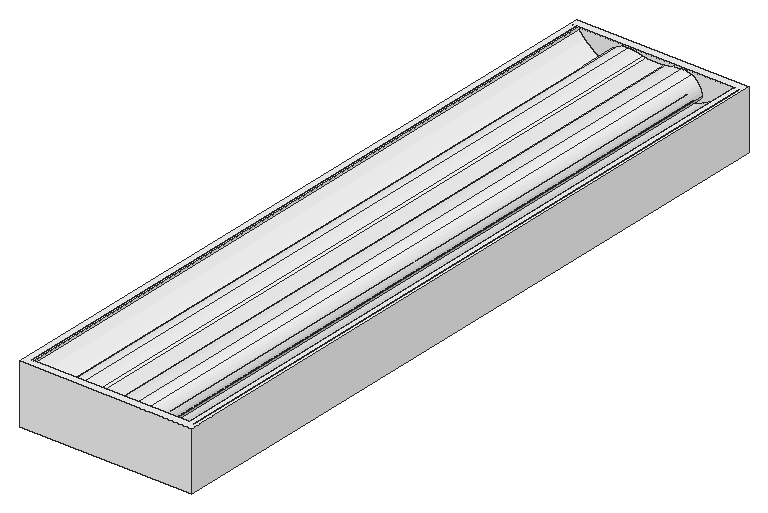
Revit family "LTGR14", category Lighting Fixtures, host Face, Revit 2014
Parameters (values of type "LTGR14")
  Width = 11.75"
  Surface Width [instance] = 3.65"
  Wattage = 48 W
  Warranty = "5-Years Warranty"  # constant formula
  built-in parameter 1150110 = 1 (stored number, unit not read)
  Voltage = 120 V
  Type Comments = "Lighting Fixture"  # constant formula
  built-in parameter 1114217 = 1 (stored number, unit not read)
  Tilt Angle = -90.00°
  built-in parameter 1150109 = 1 (stored number, unit not read)
  built-in parameter 1150134 = 2
  built-in parameter 1150113 = 1 (stored number, unit not read)
  Product Page URL = "https://www.hubbell.com/hubbelllightingci/en/Products/Lighting-Controls/Commercial-Indoor-Lighting/Recessed-Linear-Troffers/LTGR/p/241924"
  Product Documentation Link = "https://hubbellcdn.com/specsheet/ltgr14.pdf"
  Power Factor = 1
  Photometric Web File = "LTGR14-30HLx-Rx-EDU.ies"
  Photometric Notes = "More IES files download on Photometric Link"  # constant formula
  Photometric Link = "https://www.hubbell.com/hubbelllightingci/en/Products/Lighting-Controls/Commercial-Indoor-Lighting/Recessed-Linear-Troffers/LTGR/p/241924"
  zz Length 1 = 47.75"
  Wattage Comments = ""
  URL = "https://www.hubbell.com/hubbelllightingci/en"
  Mounting = "Recessed"  # constant formula
  Model = "Recessed Linear Troffers"  # constant formula
  Manufacturer = "Hubbell Lighting"  # constant formula
  built-in parameter 1150105 = 450.73 (stored number, unit not read)
  Lumens = 5664 lm
  built-in parameter 1150115 = 1 (stored number, unit not read)
  Load Classification = Lighting
  built-in parameter 1150137 = (empty or 0)
  built-in parameter 1150139 = (empty or 0)
  built-in parameter 1150112 = 1 (stored number, unit not read)
  built-in parameter 1150114 = 1 (stored number, unit not read)
  Lamp = "LED"  # constant formula
  built-in parameter 1150132 = (empty or 0)
  built-in parameter 1150102 = (empty or 0)
  built-in parameter 1150107 = 5000 (stored number, unit not read)
  built-in parameter 1150138 = (empty or 0)
  built-in parameter 1150106 = 4.5073 (stored number, unit not read)
  Glass = Paint - Hubbell - White
  Fixture Distribution = "Direct-Symmetric"  # constant formula
  Emit from Rectangle Width = 11.00"  # constant formula
  Emit from Rectangle Length = zz Length 1 - 1.00"  # 46.75"
  Emit Shape Visible in Rendering = no
  built-in parameter 1150104 = 10.963 (stored number, unit not read)
  Dimming Lamp Color Temperature Shift = <None>
  Description = "An attractive specification grade solution for indoor commercial applications, LTGR delivers high efficacy lumen packages ranging from 2,475 to 9,200, and two architecturally styled lens options"  # constant formula
  Default Elevation = 48.00"
  Create Date = "07/27/2018"  # constant formula
  Copyright = "Copyright © 2018 Hubbell "  # constant formula
  Contact Us = "https://www.hubbell.com/hubbelllightingci/en/contactUs?productId=241924"
  Color Filter = 16777215
  built-in parameter 1114218 = 1 (stored number, unit not read)
  Housing Material = Paint - Hubbell - White
  built-in parameter 1150133 = 10 (stored number, unit not read)
  Assembly Code = "D5020200"
  Apparent Load = 0 VA
Reference planes (in)
  plane 1 "Center (Front/Back)": y = 8.62124
  plane 2: z = 0
  plane 3 "Center (Left/Right)": x = 0
  plane 4: z = 0
  plane 5: z = -3.75
  plane 6: y = 32.49624
  plane 7: y = -15.25376
  plane 8: x = -5.875
  plane 9: x = 5.875
  plane 10: z = 0.25
Forms (in)
  Extrusion 1, solid, material "Paint - Hubbell - White" <- "Housing Material"
    sketch origin (0, 0, 0) x (1, 0, 0) y (0, 1, 0)
      loop
        line (-5.875, 32.49624) -> (-5.875, -15.25376) -> (5.875, -15.25376) -> (5.875, 32.49624) -> (-5.875, 32.49624)
      loop
        line (-5.375, 31.99624) -> (-5.375, -14.75376) -> (5.375, -14.75376) -> (5.375, 31.99624) -> (-5.375, 31.99624)
    from 0.25 to -3.75
  Extrusion 2, solid, material "Paint - Hubbell - White" <- "Glass"
    sketch origin (0, 8.62124, 0) x (1, 0, 0) y (0, 0, 1)
      loop
        line (-5.73533, 0.24724) -> (-5.73533, -3.73597) -> (5.64158, -3.73597) -> (5.64158, 0.24724) -> (5.2653, 0.24724)
        arc (5.2653, 0.24724) -> (3.96002, -0.9749) -> (2.32718, -1.70374) r 5.39954
        arc (2.32718, -1.70374) -> (2.45357, -1.60189) -> (2.55542, -1.4755) r 0.75888
        line (2.55542, -1.4755) -> (2.12598, -1.43793)
        arc (2.12598, -1.43793) -> (2.06235, -1.3743) -> (2.12598, -1.31068) r 0.06363
        arc (2.12598, -1.31068) -> (2.27311, -1.28754) -> (2.42024, -1.31068) r 0.47942
        arc (2.42024, -1.31068) -> (2.57238, -1.35269) -> (2.72754, -1.38163) r 1.85674
        arc (2.72754, -1.38163) -> (2.95796, -1.318) -> (3.06811, -1.10584) r 0.29898
        arc (3.06811, -1.10584) -> (2.90547, -0.43171) -> (2.3866, 0.02838) r 1.15718
        arc (2.3866, 0.02838) -> (2.04896, 0.13202) -> (1.69623, 0.15011) r 1.43599
        arc (1.69623, 0.15011) -> (1.17012, 0.11014) -> (0.65412, 0) r 3.92735
        arc (0.65412, 0) -> (0.56932, -0.02508) -> (0.48403, -0.04845) r 4.39364
        line (0.48403, -0.04845) -> (-0.73403, -0.04845)
        arc (-0.73403, -0.04845) -> (-0.81932, -0.02508) -> (-0.90412, 0) r 4.39364
        arc (-0.90412, 0) -> (-1.42012, 0.11014) -> (-1.94623, 0.15011) r 3.92735
        arc (-1.94623, 0.15011) -> (-2.29896, 0.13202) -> (-2.6366, 0.02838) r 1.43599
        arc (-2.6366, 0.02838) -> (-3.15547, -0.43171) -> (-3.31811, -1.10584) r 1.15718
        arc (-3.31811, -1.10584) -> (-3.20796, -1.318) -> (-2.97754, -1.38163) r 0.29898
        arc (-2.97754, -1.38163) -> (-2.82238, -1.35269) -> (-2.67024, -1.31068) r 1.85674
        arc (-2.67024, -1.31068) -> (-2.52311, -1.28754) -> (-2.37598, -1.31068) r 0.47942
        arc (-2.37598, -1.31068) -> (-2.31235, -1.3743) -> (-2.37598, -1.43793) r 0.06363
        line (-2.37598, -1.43793) -> (-2.80542, -1.4755)
        arc (-2.80542, -1.4755) -> (-2.70357, -1.60189) -> (-2.57718, -1.70374) r 0.75888
        arc (-2.57718, -1.70374) -> (-4.21002, -0.9749) -> (-5.5153, 0.24724) r 5.39954
        line (-5.5153, 0.24724) -> (-5.73533, 0.24724)
    from -23.375 to 23.375
  Extrusion 3, void
    sketch origin (0, 0, 0) x (1, 0, 0) y (0, 1, 0)
      loop
        line (5.375, -14.75376) -> (5.375, 31.99624) -> (-5.375, 31.99624) -> (-5.375, -14.75376) -> (5.375, -14.75376)
    from 0 to -4
Dimensions and locks (in)
  "zz Length 1": plane 6 to plane 7
  equal spacing: plane 7, plane 1 "Center (Front/Back)", plane 6
  "Width": plane 8 to plane 9
  equal spacing: plane 8, plane 3 "Center (Left/Right)", plane 9
  plane 10 to plane 5 = 4.00"
  aligned and locked: plane 2 to host face
  aligned and locked: level to host face
  aligned and locked: plane 3 "Center (Left/Right)" to imposter light
  aligned and locked: Extrusion 1 sketch curve to plane 6
  aligned and locked: plane 8 to Extrusion 1 sketch curve
  aligned and locked: plane 7 to Extrusion 1 sketch curve
  aligned and locked: Extrusion 1 sketch curve to plane 9
  aligned and locked: plane 5 to Extrusion 1
  aligned and locked: plane 10 to Extrusion 1
  aligned and locked: Extrusion 2 to Extrusion 1  (x2)
Automatic sketch dimensions
  host sketch curve to host sketch curve = 96.00"  (x2)
  Extrusion 1 sketch curve to plane 6 = 0.50"
  Extrusion 1 sketch curve to plane 9 = 0.50"
  plane 7 to Extrusion 1 sketch curve = 0.50"
  plane 8 to Extrusion 1 sketch curve = 0.50"
  Extrusion 2 sketch curve to level = 0.00"  (x2)
  plane 8 to Extrusion 2 sketch curve = 0.13967"
  Extrusion 2 sketch curve to plane 10 = 0.00276"  (x2)
  plane 8 to Extrusion 2 sketch curve = 0.3597"
  plane 10 to Extrusion 2 sketch curve = 0.20646"  (x2)
  Extrusion 2 sketch curve to Extrusion 2 sketch curve = 2.27524"
  Extrusion 2 sketch curve to Extrusion 2 sketch curve = 0.22024"  (x2)
  Extrusion 2 sketch curve to level = 1.4755"
  Extrusion 2 sketch curve to Extrusion 2 sketch curve = 0.2144"  (x2)
  Extrusion 2 sketch curve to Extrusion 2 sketch curve = 0.28231"  (x2)
  Extrusion 2 sketch curve to Extrusion 2 sketch curve = 0.14713"  (x2)
  Extrusion 2 sketch curve to Extrusion 2 sketch curve = 0.20902"
  Extrusion 2 sketch curve to Extrusion 2 sketch curve = 0.00339"  (x2)
  Extrusion 2 sketch curve to Extrusion 2 sketch curve = 0.11737"
  Extrusion 2 sketch curve to plane 5 = 0.0271"  (x2)
  Extrusion 2 sketch curve to plane 3 "Center (Left/Right)" = 1.98006"
  Extrusion 2 sketch curve to plane 3 "Center (Left/Right)" = 1.22313"
  Extrusion 2 sketch curve to level = 0.04845"
  Extrusion 2 sketch curve to plane 3 "Center (Left/Right)" = 0.73403"
  Extrusion 2 sketch curve to plane 3 "Center (Left/Right)" = 0.63437"
  plane 3 "Center (Left/Right)" to Extrusion 2 sketch curve = 0.38437"
  plane 3 "Center (Left/Right)" to Extrusion 2 sketch curve = 0.48403"
  Extrusion 2 sketch curve to Extrusion 2 sketch curve = 0.58876"
  plane 3 "Center (Left/Right)" to Extrusion 2 sketch curve = 1.73006"
  plane 3 "Center (Left/Right)" to Extrusion 2 sketch curve = 1.7996"
  Extrusion 2 sketch curve to Extrusion 2 sketch curve = 0.11397"
  Extrusion 2 sketch curve to level = 1.43793"
  Extrusion 2 sketch curve to Extrusion 2 sketch curve = 0.32638"
  Extrusion 2 sketch curve to plane 9 = 0.6097"
  plane 5 to Extrusion 2 sketch curve = 0.01403"
  Extrusion 2 sketch curve to Extrusion 2 sketch curve = 0.32903"  (x2)
  Extrusion 2 sketch curve to Extrusion 2 sketch curve = 0.29146"  (x2)
  Extrusion 2 sketch curve to Extrusion 2 sketch curve = 0.06363"  (x2)
  Extrusion 2 sketch curve to Extrusion 2 sketch curve = 0.02852"  (x2)
  Extrusion 2 sketch curve to Extrusion 2 sketch curve = 0.22503"  (x2)
  Extrusion 2 sketch curve to Extrusion 2 sketch curve = 0.21687"  (x2)
  Extrusion 2 sketch curve to Extrusion 2 sketch curve = 0.03759"  (x2)
  level to Extrusion 2 sketch curve = 3.52327"
  Extrusion 2 sketch curve to Extrusion 2 sketch curve = 0.00"  (x7)
  Extrusion 2 sketch curve to Extrusion 2 sketch curve = 0.67719"  (x2)
  Extrusion 2 sketch curve to Extrusion 2 sketch curve = 0.29829"
  Extrusion 2 sketch curve to plane 10 = 0.09989"
  Extrusion 2 sketch curve to plane 9 = 0.23342"
  plane 8 to Extrusion 3 sketch curve = 0.50"
  Extrusion 3 sketch curve to plane 9 = 0.50"
  plane 7 to Extrusion 3 sketch curve = 0.50"
  Extrusion 3 sketch curve to plane 6 = 0.50"
